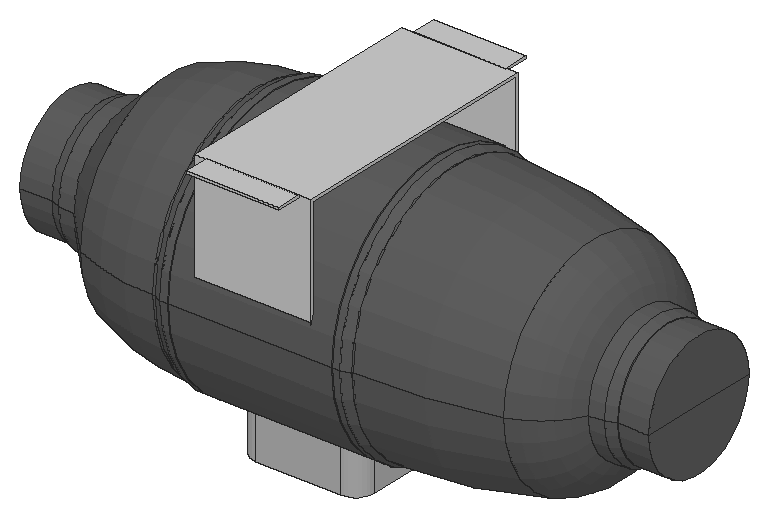
Revit family "90000358 - Aventa Silent AVS100 - BIM file", category Mechanical Equipment, Revit 2023
Family settings
  Round Connector Dimension = Use Diameter
  Classification = None
  Part Type = Breaks Into
  OmniClass Number = 23.75.35.17.11
  OmniClass Title = Fans for Air Ductwork
  Work Plane-Based = No
  Always vertical = No
  Cut with Voids When Loaded = No
  Maintain Annotation Orientation = No
  Shared = No
  Room Calculation Point = No
Parameters (values of type "Aventa Silent AVS100 Timer")
  Weight = 4.60 kg
  Voltage = 230 V
  URL = "https://www.airflow.com/"
  Type Comments = "Inline fan single speed up to 240m3/h"
  Transported Air Temperature (°C) = "-25...+60"
  RPM (min-1) = 2630
  R1 = D1 / 2  # 107 mm
  Protection rating = "IPX4"
  Power Factor = 1
  Number of Poles = 1
  Noise Level at 3 m (dBa) = 29
  Mounting Hanger [instance] = yes
  Material Finish = "Polymer Coated Steel"
  Maintenance Zone Length Calc = if(Maintenance Zone Length < L, L, Maintenance Zone Length)  # 600 mm
  L27 = 6 mm
  L26 = 8 mm
  L25 = L21 - L22 - L23 - L24 - L26 - L27  # 110 mm
  L24 = 39 mm
  L21 = 184 mm
  L17 = 6 mm
  L16 = 8 mm
  L15 = L11 - L12 - L13 - L14 - L16 - L17  # 70 mm
  L14 = 34 mm
  L11 = 139 mm
  HangerW = 93 mm
  HangerL1 = 208 mm
  HangerL = 208 mm
  HangerH = HangerBaseH  # 113 mm
  HangerExtraL = yes
  HangerBaseH = 113 mm
  Model = "Aventa Silent AVS100"
  Manufacturer = "Airflow"
  Maintenance Zone Width = 600 mm
  Maintenance Zone Material = Maintenance Zone
  Maintenance Zone Length = 600 mm
  Maintenance Zone Height = 600 mm
  Maintenance Zone [instance] = no
  Load Classification = HVAC
  L23 = 13 mm
  L22 = 8 mm
  L2 = 25 mm
  L13 = 13 mm
  L12 = 8 mm
  L1 = 25 mm
  L = 505 mm
  Hanger Material = Metal Zinc
  Flow direction symbol [instance] = yes
  Flow Factor [instance] = 1  # constant formula
  Family Version = "1.0"  # constant formula
  ElBoxW = 116 mm
  ElBoxR = 15 mm  # constant formula
  ElBoxL = 98 mm
  ElBoxH = 124 mm
  Distribution Box Material = Distribution Box Dark Grey
  Dimensions = "(H) 237 x (W) 505 x (D) 243mm"
  Description = "In line mixed flow fan suitable for domestic and light commercial facilities"
  Default Elevation = 0 mm
  Dd26 = 54 mm
  Dd24 = 39 mm
  Dd22 = 3 mm
  Dd23 = 4 mm
  Dd16 = 54 mm
  Dd14 = 39 mm
  Dd13 = 4 mm
  Dd12 = 3 mm
  D1 = 214 mm
  D = 100 mm
  Copyright = "©Airflow"
  Duct Connection Size = 100 mm
  Fan Material = Metal Black
  Maximum Air Flow = 240 m³/h
  Airflow part no = "90002118"
  Air Flow [instance] = 0 m³/h
  Power = 26 W
  Current = 0.11 A
  Apparent Power = Power / Power Factor  # 26 VA
Types (2, lengths in mm): name | Type Comments | Noise Level at 3 m (dBa) | Maximum Air Flow | Airflow part no | Power | Apparent Power
  Aventa Silent AVS100 Timer | "Inline fan single speed up to 240m3/h" | 29 | 240 m³/h | "90002118" | 26 W | 26 VA
  Aventa Silent AVS100 Basic | "Inline fan single speed up to 170m3/h" | 24 | 170 m³/h | "90000358" | 24 W | 24 VA
Reference planes
  plane 1 "Center (Front/Back)": y = 0
  plane 2: z = 0
  plane 3 "Center (Left/Right)": x = 0
  plane 4: y = 50
  plane 5: y = -50
  plane 6: y = 107
  plane 7: y = -107
  plane 8: x = 505
  plane 9 "C": x = 296
  plane 10: x = 164
  plane 11 "CenterL": x = 252.5
  plane 12: x = 25
  plane 13: x = 158
  plane 14: y = 53
  plane 15 "CenterOfCentralPart": x = 230
  plane 16: y = 58
  plane 17: y = -58
  plane 18: x = 181
  plane 19: x = 279
  plane 20 "ElBoxHeight": z = -124
  plane 21 "HangerHeight": z = 113
  plane 22: y = 54
  plane 23: y = 89
  plane 24: x = 80
  plane 25: x = 46
  plane 26: x = 33
  plane 27: x = 150
  plane 28: y = 104
  plane 29: x = 151
  plane 30: x = 302
  plane 31: y = 53
  plane 32: y = 54
  plane 33: y = 89
  plane 34: x = 420
  plane 35: x = 459
  plane 36: x = 472
  plane 37: x = 310
  plane 38: y = 104
  plane 39: x = 309
  plane 40: x = 480
Forms (mm)
  Revolve 1, solid, material "Metal Black" <- "Fan Material", detail levels medium+fine
    sketch origin (368, 0, 0) x (1, 0, 0) y (0, 1, 0)
      loop
        line (-343, 0) -> (-204, 0) -> (-204, 107) -> (-210, 107) -> (-217, 104) -> (-218, 104)
        arc (-218, 104) -> (-253.795, 100.208) -> (-288, 89) r 170.833
        arc (-288, 89) -> (-305.815, 72.292) -> (-322, 54) r 262.467
        line (-322, 54) -> (-335, 53) -> (-343, 50) -> (-343, 0)
      axis (-204, 0) -> (-343, 0)
    angle from 0 to 360
  Revolve 2, solid, material "Metal Black" <- "Fan Material", detail levels medium+fine
    sketch origin (368, 0, 0) x (1, 0, 0) y (0, 1, 0)
      loop
        line (112, 50) -> (112, 0) -> (137, 0) -> (137, 50) -> (112, 50)
      axis (137, 0) -> (112, 0)
    angle from 0 to 360
  Revolve 3, solid, material "Metal Black" <- "Fan Material", detail levels medium+fine
    sketch origin (368, 0, 0) x (1, 0, 0) y (0, 1, 0)
      loop
        line (-368, 50) -> (-368, 0) -> (-343, 0) -> (-343, 50) -> (-368, 50)
      axis (-343, 0) -> (-368, 0)
    angle from 0 to 360
  Revolve 4, solid, material "Metal Black" <- "Fan Material", detail levels medium+fine
    sketch origin (0, 0, 0) x (1, 0, 0) y (0, 1, 0)
      loop
        line (164, 107) -> (164, 0) -> (296, 0) -> (296, 107) -> (164, 107)
      axis (164, 0) -> (296, 0)
    angle from 0 to 360
  Extrusion 5, solid, material "Distribution Box Dark Grey" <- "Distribution Box Material", detail levels medium+fine
    sketch origin (0, 0, 0) x (1, 0, 0) y (0, 1, 0)
      loop
        arc (196, 58) -> (185.393, 53.607) -> (181, 43) r 15
        line (181, 43) -> (181, -43)
        arc (181, -43) -> (185.393, -53.607) -> (196, -58) r 15
        line (196, -58) -> (264, -58)
        arc (264, -58) -> (274.607, -53.607) -> (279, -43) r 15
        line (279, -43) -> (279, 43)
        arc (279, 43) -> (274.607, 53.607) -> (264, 58) r 15
        line (264, 58) -> (196, 58)
    from 0 to -124
  Revolve 6, solid, material "Metal Black" <- "Fan Material", detail levels medium+fine
    sketch origin (117, 0, 0) x (-1, 0, 0) y (0, 1, 0)
      loop
        line (-363, 0) -> (-179, 0) -> (-179, 107) -> (-185, 107) -> (-192, 104) -> (-193, 104)
        arc (-193, 104) -> (-248.509, 100.233) -> (-303, 89) r 410.833
        arc (-303, 89) -> (-326.601, 76.069) -> (-342, 54) r 58.978
        line (-342, 54) -> (-355, 53) -> (-363, 50) -> (-363, 0)
      axis (-179, 0) -> (-363, 0)
    angle from 0 to 360
Cuts and joins
  joined: Revolve 1, Revolve 3
Dimensions and locks
  equal spacing: plane 4, plane 1 "Center (Front/Back)", plane 5
  "D": plane 4 to plane 5
  equal spacing: plane 7, plane 1 "Center (Front/Back)", plane 6
  "D1": plane 6 to plane 7
  "L": plane 3 "Center (Left/Right)" to plane 8
  equal spacing: plane 3 "Center (Left/Right)", plane 11 "CenterL", plane 8
  "L1": plane 3 "Center (Left/Right)" to plane 12
  "Dd12": plane 14 to plane 4
  equal spacing: plane 10, plane 15 "CenterOfCentralPart", plane 9 "C"
  equal spacing: plane 17, plane 1 "Center (Front/Back)", plane 16
  "ElBoxW": plane 16 to plane 17
  equal spacing: plane 18, plane 15 "CenterOfCentralPart", plane 19
  "ElBoxL": plane 18 to plane 19
  "ElBoxH": level to plane 20 "ElBoxHeight"
  "HangerBaseH": plane 21 "HangerHeight" to level
  "Dd13": plane 22 to plane 4
  "Dd14": plane 23 to plane 4
  "L11": plane 12 to plane 10
  "L12": plane 12 to plane 26
  "L13": plane 26 to plane 25
  "L14": plane 25 to plane 24
  "L17": plane 13 to plane 10
  "L16": plane 27 to plane 13
  "Dd16": plane 28 to plane 4
  locked: plane 27 to plane 29 at 1
  "L23": plane 36 to plane 35
  "L24": plane 35 to plane 34
  "L26": plane 37 to plane 30
  locked: plane 37 to plane 39 at 1
  "L2": plane 40 to plane 8
  "L21": plane 9 "C" to plane 40
  "L22": plane 36 to plane 40
  "L27": plane 9 "C" to plane 30
  "Dd22": plane 31 to plane 4
  "Dd23": plane 32 to plane 4
  "Dd24": plane 33 to plane 4
  "Dd26": plane 38 to plane 4
  "ElBoxR": radius of Extrusion 5 sketch curve  (x4)
  aligned and locked: level to plane 2
  aligned and locked: Revolve 2 sketch curve to plane 4
  aligned and locked: Revolve 2 sketch curve to plane 8
  aligned and locked: Revolve 2 sketch curve to plane 1 "Center (Front/Back)"
  aligned and locked: Revolve 3 sketch curve to plane 4
  aligned and locked: Revolve 3 sketch curve to plane 1 "Center (Front/Back)"
  aligned and locked: plane 3 "Center (Left/Right)" to Revolve 3 sketch curve
  aligned and locked: plane 1 "Center (Front/Back)" to nested 1
  aligned and locked: nested 2 to level
  aligned and locked: plane 1 "Center (Front/Back)" to nested 3
  aligned and locked: nested 3 to plane 3 "Center (Left/Right)"
  aligned and locked: plane 1 "Center (Front/Back)" to nested 4
  aligned and locked: Revolve 4 sketch curve to plane 6
  aligned and locked: Revolve 4 sketch curve to nested 4
  aligned and locked: Revolve 4 sketch curve to Revolve 4 sketch curve  (x2)
  aligned and locked: plane 11 "CenterL" to nested 4
  aligned and locked: Revolve 4 sketch curve to plane 9 "C"
  aligned and locked: plane 15 "CenterOfCentralPart" to nested 1
  aligned and locked: Extrusion 5 sketch curve to plane 16
  aligned and locked: plane 18 to Extrusion 5 sketch curve
  aligned and locked: plane 17 to Extrusion 5 sketch curve
  aligned and locked: Extrusion 5 sketch curve to plane 19
  aligned and locked: Extrusion 5 to plane 20 "ElBoxHeight"
  aligned and locked: plane 15 "CenterOfCentralPart" to nested 2
  aligned and locked: nested 5 to plane 1 "Center (Front/Back)"
  aligned and locked: plane 15 "CenterOfCentralPart" to nested 5
  aligned and locked: Revolve 1 sketch curve to plane 1 "Center (Front/Back)"
  aligned and locked: plane 4 to Revolve 1 sketch curve
  aligned and locked: plane 1 "Center (Front/Back)" to Revolve 1 sketch curve
  aligned and locked: Revolve 1 sketch curve to plane 6
  aligned and locked: plane 29 to Revolve 1 sketch curve
  aligned and locked: plane 28 to Revolve 1 sketch curve
  aligned and locked: Revolve 6 sketch curve to plane 39
  aligned and locked: Revolve 6 sketch curve to plane 38
  aligned and locked: Revolve 2 to plane 40
Automatic sketch dimensions
  plane 1 "Center (Front/Back)" to Revolve 2 sketch curve = 0 mm
  Revolve 2 sketch curve to plane 8 = 25 mm
  Revolve 2 sketch curve to plane 3 "Center (Left/Right)" = 1632 mm
  Revolve 2 sketch curve to Revolve 2 sketch curve = 2138 mm
  plane 1 "Center (Front/Back)" to Revolve 3 sketch curve = 0 mm
  Revolve 3 sketch curve to plane 12 = 0 mm
  Revolve 3 sketch curve to plane 3 "Center (Left/Right)" = 1646 mm
  plane 8 to Revolve 3 sketch curve = 2149 mm
  Revolve 4 sketch curve to plane 10 = 0 mm
  Revolve 4 sketch curve to plane 11 "CenterL" = 0 mm
  Revolve 1 sketch curve to plane 12 = 0 mm
  Revolve 1 sketch curve to plane 14 = 0 mm
  Revolve 1 sketch curve to plane 26 = 0 mm
  Revolve 1 sketch curve to plane 22 = 0 mm
  Revolve 1 sketch curve to plane 25 = 0 mm
  Revolve 1 sketch curve to plane 23 = 0 mm
  Revolve 1 sketch curve to plane 24 = 0 mm
  Revolve 1 sketch curve to plane 27 = 0 mm
  Revolve 1 sketch curve to plane 13 = 0 mm
  Revolve 1 sketch curve to plane 10 = 0 mm
  Revolve 1 sketch curve to plane 11 "CenterL" = 2.053 mm
  Revolve 1 sketch curve to plane 3 "Center (Left/Right)" = 2000 mm
  plane 8 to Revolve 1 sketch curve = 1495 mm
  plane 1 "Center (Front/Back)" to Revolve 6 sketch curve = 0 mm  (x2)
  Revolve 6 sketch curve to plane 40 = 0 mm
  Revolve 6 sketch curve to plane 31 = 0 mm
  Revolve 6 sketch curve to plane 36 = 0 mm
  Revolve 6 sketch curve to plane 32 = 0 mm
  Revolve 6 sketch curve to plane 35 = 0 mm
  Revolve 6 sketch curve to plane 33 = 0 mm  (x2)
  Revolve 6 sketch curve to plane 34 = 0 mm
  Revolve 6 sketch curve to plane 37 = 0 mm
  Revolve 6 sketch curve to plane 6 = 0 mm
  Revolve 6 sketch curve to plane 30 = 0 mm
  Revolve 6 sketch curve to plane 9 "C" = 0 mm
  Revolve 6 sketch curve to plane 4 = 0 mm
  Revolve 6 sketch curve to plane 8 = 1980 mm
  plane 3 "Center (Left/Right)" to Revolve 6 sketch curve = 1515 mm
Nested families
  nested 1: "GraphicalSymbol_Fun_FlowDirection" at (230, 0, 0), visible <- "Flow direction symbol", type "GraphicalSymbol_Fun_FlowDirection", detail levels medium+fine
    with Length 50 mm, Height 50 mm, B 25 mm, A 16.667 mm
  nested 2: "GraphicalSymbol_Fun_FlowDirection" at (230, 0, 0) x (1, 0, 0) z (0, -1, 0), type "GraphicalSymbol_Fun_FlowDirection"
    with Length 50 mm, Height 50 mm, B 25 mm, A 16.667 mm
  nested 3: "GraphicalSymbol_Fan_1" at (252.5, 0, 0), type "GraphicalSymbol_Fan_1", detail levels coarse
    with Diameter 505 mm, A 126.25 mm
  nested 4: "MaintenanceZone_Rect" at (252.5, 0, 0), visible <- "Maintenance Zone", type "MaintenanceZone_Rect", detail levels medium+fine
    with Maintenance Zone Width 600 mm, Maintenance Zone Length 600 mm, Maintenance Zone Height 600 mm
  nested 5: "MountingHanger" at (230, 0, 113) x (0, 1, 0) z (0, 0, -1), visible <- "Mounting Hanger", type "MountingHanger", detail levels medium+fine
    with Width1 74.4 mm, Width 93 mm, Length2 248 mm, Length 208 mm, Lenght1Calc 207.5 mm, Length1 208 mm, Height 113 mm, ExtraLength yes
Connectors
  hvac at (0, 0, 0), driven by "Duct Connection Size", driven by "Air Flow"
    settings: on cut or joined group of Revolve 1, Revolve 3, index 4, duct flow 0 m³/h, flow factor 0, pres drop 0.0 Pa, loss coef 0, conn angle 0.00°, conn width 304.8 mm, conn height 304.8 mm, conn diameter 100 mm, duct sys type 29, conn prof type 0, flow config 0, flow direction 0, loss method 0, conn ref index 5, conn util no, is conn primary yes, conn desc ""
  hvac at (505, 0, 0), driven by "Duct Connection Size"
    settings: on Revolve 2, index 5, duct flow 0 m³/h, flow factor 0, pres drop 0.0 Pa, loss coef 0, conn angle 0.00°, conn width 304.8 mm, conn height 304.8 mm, conn diameter 100 mm, duct sys type 28, conn prof type 0, flow config 0, flow direction 0, loss method 0, conn ref index 4, conn util no, is conn primary no, conn desc ""
  electrical at (230, 0, -124), driven by "Number of Poles", driven by "Load Classification", driven by "Voltage", driven by "Apparent Power", driven by "Power Factor"
    settings: on Extrusion 5, index 6, voltage 230 V, apparent load 26 VA, apparent load phase1 0 VA, apparent load phase2 0 VA, apparent load phase3 0 VA, power factor 1, load classification "HVAC", number of poles 1, system type 30, power factor state 1, is connector primary yes, connector utility no, sub classification motor no, connector description ""
Definition of nested family "MaintenanceZone_Rect"
  Parameters (values of type "MaintenanceZone_Rect")
    Maintenance Zone Width = 500 mm
    Material = none
    Maintenance Zone Length = 1000 mm
    Maintenance Zone Height = 300 mm
    Family Version = ""
    Default Elevation = 1219.2 mm
    Copyright = ""
  Reference planes
    plane 1 "Center (Front/Back)": y = 0
    plane 2: z = 0
    plane 3 "Center (Left/Right)": x = 0
    plane 4: x = -500
    plane 5: x = 500
    plane 6: y = 250
    plane 7: y = -250
    plane 8: z = -300
  Forms (mm)
    Extrusion 1, solid, material <- "Material", detail levels medium+fine
      sketch origin (0, 0, 0) x (1, 0, 0) y (0, 1, 0)
        loop
          line (-500, 250) -> (-500, -250) -> (500, -250) -> (500, 250) -> (-500, 250)
      from 0 to -300
  Lines and regions (mm)
    symbolic lines, detail levels medium+fine
      curve 1: line (-500, 0, 0) -> (500, 0, 0)
      curve 2: line (-500, 0, -300) -> (-500, 0, 0)
      curve 3: line (500, 0, -300) -> (-500, 0, -300)
      curve 4: line (500, 0, 0) -> (500, 0, -300)
      curve 5: line (0, 250, 0) -> (0, -250, 0)
      curve 6: line (0, 250, -300) -> (0, 250, 0)
      curve 7: line (0, -250, -300) -> (0, 250, -300)
      curve 8: line (0, -250, 0) -> (0, -250, -300)
      curve 9: line (-500, 250, 0) -> (500, 250, 0)
      curve 10: line (-500, -250, 0) -> (-500, 250, 0)
      curve 11: line (500, -250, 0) -> (-500, -250, 0)
      curve 12: line (500, 250, 0) -> (500, -250, 0)
  Dimensions and locks
    equal spacing: plane 6, plane 1 "Center (Front/Back)", plane 7
    equal spacing: plane 4, plane 3 "Center (Left/Right)", plane 5
    "Maintenance Zone Width": plane 6 to plane 7
    "Maintenance Zone Length": plane 4 to plane 5
    "Maintenance Zone Height": plane 2 to plane 8
    aligned and locked: level to plane 2
    aligned and locked: Extrusion 1 sketch curve to plane 6
    aligned and locked: plane 4 to Extrusion 1 sketch curve
    aligned and locked: plane 7 to Extrusion 1 sketch curve
    aligned and locked: Extrusion 1 sketch curve to plane 5
    aligned and locked: Extrusion 1 to plane 8
    aligned and locked: curve 1 to Extrusion 1
    aligned and locked: curve 2 to Extrusion 1
    aligned and locked: curve 3 to Extrusion 1
    aligned and locked: curve 4 to Extrusion 1
    aligned and locked: curve 5 to Extrusion 1
    aligned and locked: curve 6 to Extrusion 1
    aligned and locked: curve 7 to Extrusion 1
    aligned and locked: curve 8 to Extrusion 1
    aligned and locked: curve 9 to Extrusion 1
    aligned and locked: curve 10 to Extrusion 1
    aligned and locked: curve 11 to Extrusion 1
    aligned and locked: curve 12 to Extrusion 1
Definition of nested family "MountingHanger"
  Parameters (values of type "MountingHanger")
    Width1 = Width * 0.8  # 160 mm
    Width = 200 mm
    Thikness = 2 mm
    Material = none
    Length2 = Length + 20 mm * 2  # 518 mm
    Length = 478 mm
    Lenght1Calc = if(Length1 = Length, Length - 0.5 mm, Length1)  # 396 mm
    Length1 = 396 mm
    Height1 = 10 mm
    Height = 219 mm
    ExtraLength = no
    Default Elevation = 1219.2 mm
  Reference planes
    plane 1 "Center (Front/Back)": y = 0
    plane 2: z = 0
    plane 3 "Center (Left/Right)": x = 0
    plane 4: x = -239
    plane 5: x = 239
    plane 6: y = 100
    plane 7: y = -100
    plane 8: z = 219
    plane 9: x = -198
    plane 10: x = 198
    plane 11: z = 209
    plane 12: y = 80
    plane 13: y = -80
    plane 14: x = -259
    plane 15: x = 259
    plane 16: x = -239
    plane 17: x = 239
  Forms (mm)
    Extrusion 1, solid, material <- "Material"
      sketch origin (0, 0, 0) x (1, 0, 0) y (0, 0, 1)
        loop
          line (-198, 209) -> (-239, 0) -> (239, 0) -> (198, 209) -> (198, 219) -> (196, 219) -> (196, 208.806) -> (236.57, 2) -> (-236.57, 2) -> (-196, 208.806) -> (-196, 219) -> (-198, 219) -> (-198, 209)
      from -100 to 100
    Extrusion 2, solid, material <- "Material", visible <- "ExtraLength"
      sketch origin (0, 0, 0) x (1, 0, 0) y (0, 1, 0)
        loop
          line (-259, 80) -> (-259, -80) -> (-239, -80) -> (-239, 80) -> (-259, 80)
        loop
          line (239, 80) -> (239, -80) -> (259, -80) -> (259, 80) -> (239, 80)
      from 0 to 2
  Dimensions and locks
    equal spacing: plane 4, plane 3 "Center (Left/Right)", plane 5
    "Length": plane 4 to plane 5
    plane 8 to level = 219 mm
    equal spacing: plane 6, plane 1 "Center (Front/Back)", plane 7
    "Width": plane 6 to plane 7
    "Height": plane 8 to level
    "Thikness": Extrusion 1 sketch curve to level
    "Thikness": Extrusion 1 sketch curve to Extrusion 1 sketch curve  (x2)
    "Thikness": Extrusion 1 sketch curve to plane 9
    "Thikness": plane 10 to Extrusion 1 sketch curve
    equal spacing: plane 9, plane 3 "Center (Left/Right)", plane 10
    "Lenght1Calc": plane 9 to plane 10
    "Height1": plane 8 to plane 11
    equal spacing: plane 12, plane 1 "Center (Front/Back)", plane 13
    "Width1": plane 12 to plane 13
    equal spacing: plane 14, plane 3 "Center (Left/Right)", plane 15
    "Length2": plane 14 to plane 15
    "Thikness": Extrusion 2 to level
    equal spacing: plane 16, plane 3 "Center (Left/Right)", plane 17
    "Length": plane 16 to plane 17
    aligned and locked: level to plane 2
    aligned and locked: plane 6 to Extrusion 1
    aligned and locked: Extrusion 1 to plane 7
    aligned and locked: plane 9 to Extrusion 1 sketch curve
    aligned and locked: plane 10 to Extrusion 1 sketch curve
    aligned and locked: Extrusion 2 sketch curve to plane 12  (x2)
    aligned and locked: plane 14 to Extrusion 2 sketch curve
    aligned and locked: plane 13 to Extrusion 2 sketch curve  (x2)
    aligned and locked: Extrusion 2 sketch curve to plane 16
    aligned and locked: plane 17 to Extrusion 2 sketch curve
    aligned and locked: Extrusion 2 sketch curve to plane 15
  Automatic sketch dimensions
    Extrusion 1 sketch curve to level = 0 mm
    Extrusion 1 sketch curve to plane 4 = 0 mm
    Extrusion 1 sketch curve to plane 5 = 0 mm
    Extrusion 1 sketch curve to plane 11 = 0 mm  (x2)
    Extrusion 1 sketch curve to plane 8 = 0 mm  (x2)
Definition of nested family "GraphicalSymbol_Fun_FlowDirection"
  Parameters (values of type "GraphicalSymbol_Fun_FlowDirection")
    Length = 100 mm
    Height = Length  # 100 mm
    B = Length / 2  # 50 mm
    A = Length / 3  # 33.333 mm
  Reference planes
    plane 1 "Center (Front/Back)": y = 0
    plane 2: z = 0
    plane 3 "Center (Left/Right)": x = 0
    plane 4: x = -33.333
    plane 5: x = 50
    plane 6: y = 50
    plane 7: y = -50
  Lines and regions (mm)
    detail lines, in view "Ref. Level"
      curve 1: line (-33.333, 50, 0) -> (-33.333, -50, 0)
      curve 2: line (50, 0, 0) -> (-33.333, -50, 0)
      curve 3: line (50, 0, 0) -> (-33.333, 50, 0)
  Dimensions and locks
    "A": plane 4 to plane 3 "Center (Left/Right)"
    "B": plane 3 "Center (Left/Right)" to plane 5
    equal spacing: plane 6, plane 1 "Center (Front/Back)", plane 7
    "Height": plane 6 to plane 7
    aligned and locked: curve 1 to plane 4
  Automatic sketch dimensions
    plane 1 "Center (Front/Back)" to curve 3 = 0 mm
    curve 3 to plane 5 = 0 mm
    curve 2 to plane 7 = 0 mm
    curve 3 to plane 6 = 0 mm
Definition of nested family "GraphicalSymbol_Fan_1"
  Parameters (values of type "GraphicalSymbol_Fan_1")
    Diameter = 100 mm
    Default Elevation = 1219.2 mm
    A = Diameter / 4  # 25 mm
  Reference planes
    plane 1 "Center (Front/Back)": y = 0
    plane 2: z = 0
    plane 3 "Center (Left/Right)": x = 0
    plane 4: x = -25
  Lines and regions (mm)
    model lines
      curve 1: circle (0, 0, 0) r 50 normal (0, 0, 1)
      curve 4: line (-25, 43.301, 0) -> (-25, -43.301, 0)
      curve 5: line (-25, 43.301, 0) -> (50, 0, 0)
      curve 6: line (-25, -43.301, 0) -> (50, 0, 0)
    reference lines
      curve 2: line (50, 141.389, 0) -> (50, -158.611, 0)
      curve 3: line (-50, 141.389, 0) -> (-50, -158.611, 0)
  Dimensions and locks
    equal spacing: curve 3, plane 3 "Center (Left/Right)", curve 2
    "Diameter": curve 3 to curve 2
    "A": plane 4 to plane 3 "Center (Left/Right)"
    "Diameter": diameter of curve 1
    aligned and locked: level to plane 2
  Automatic sketch dimensions
    curve 4 to plane 4 = 0 mm
    plane 1 "Center (Front/Back)" to curve 1 = 0 mm
    curve 1 to plane 3 "Center (Left/Right)" = 0 mm
    plane 1 "Center (Front/Back)" to curve 6 = 0 mm
    plane 1 "Center (Front/Back)" to curve 2 = 158.611 mm
    curve 3 to curve 2 = 0 mm  (x2)
    curve 3 to plane 1 "Center (Front/Back)" = 141.389 mm
